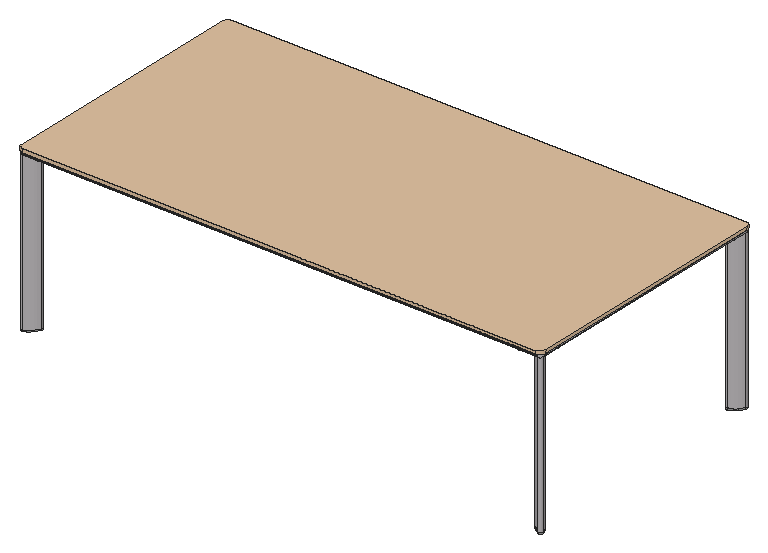
Revit family "FU_Table_Sandler_Laminar 1224", category Furniture, Revit 2020
Family settings
  OmniClass Number = 23.40.20.00
  OmniClass Title = General Furniture and Specialties
  Work Plane-Based = No
  Always vertical = Yes
  Cut with Voids When Loaded = No
  Shared = No
  Room Calculation Point = No
Parameters (values of type "Laminar 1224 (Dining Height)")
  Width = 2400 mm
  URL = "https://www.sandlerseating.com/product/laminar-1224/"
  Top [instance] = Wood - Oak - Natural - V
  Model = "Laminar 1224"
  Manufacturer = "Sandler"
  Height = 750 mm
  Frame [instance] = Epoxy - M2_G42
  Description = "240cm x 120cm / 95″ x 48″ table on epoxy painted frame."
  Depth = 1200 mm
  Default Elevation = 0 mm
Types (4, lengths in mm): name | Top | Height | Frame
  (no name) | Wood - Oak - Natural - V | 750 | Epoxy - M2_G42
  Laminar 1224 (Dining Height) | Wood - Oak - Natural - V | 750 | Epoxy - M2_G42
  Laminar 1224 (Counter Height) | Wood - Oak - Walnut | 900 | Epoxy - M2_V16
  Laminar 1224 (Bar Height) | HPL - Solid - White | 1050 | Epoxy - M1_B00 - Black
Reference planes
  plane 1 "Center (Front/Back)": y = 0
  plane 2: z = 0
  plane 3 "Center (Left/Right)": x = 0
  plane 4 "Right": x = -1200
  plane 5 "Left": x = 1200
  plane 6 "Back": y = 600
  plane 7 "Front": y = -600
  plane 8 "Height": z = 750
  plane 9 "Top Frame Base": z = 737
  plane 10 "Frame Edge Right TOP": x = -1105
  plane 11 "Frame Edge Left TOP": x = 1105
  plane 12 "Frame Edge Front TOP": y = -505
  plane 13 "Frame Edge Back TOP": y = 505
  plane 14 "Right Leg C TOP": x = -1162.984
  plane 15 "Back Leg C TOP": y = 562.984
  plane 16 "Front Leg C TOP": y = -562.984
  plane 17 "Left C TOP": x = 1162.984
  plane 18 "Glide Height": z = 6
  plane 19 "Frame Base FRONT": z = 696.108
Forms (mm)
  Extrusion 1, solid, material "Wood - Oak - Natural - V" <- "Top"
    sketch origin (0, 0, 750) x (-1, 0, 0) y (0, -1, 0)
      loop
        arc (1175, -600) -> (1192.678, -592.678) -> (1200, -575) r 25
        line (1200, -575) -> (1200, 575)
        arc (1200, 575) -> (1192.678, 592.678) -> (1175, 600) r 25
        line (1175, 600) -> (-1175, 600)
        arc (-1175, 600) -> (-1192.678, 592.678) -> (-1200, 575) r 25
        line (-1200, 575) -> (-1200, -575)
        arc (-1200, -575) -> (-1192.678, -592.678) -> (-1175, -600) r 25
        line (-1175, -600) -> (1175, -600)
    from 0 to -13
  Sweep 2, solid, material "Epoxy - M2_G42" <- "Frame"
    path origin (0, 0, 737) x (-1, 0, 0) y (0, -1, 0)
      loop
        line (-1105, 600) -> (1105, 600)
    profile "Pro_Laminar_Frame : Pro_Laminar_Frame" origin (0, -600, 737) x (0, -1, 0) y (0, 0, 1)
      loop
        arc (-78.25, 0) -> (-78.959, -0.294) -> (-79.252, -1.003) r 1.003
        line (-79.252, -1.003) -> (-79.252, -40.038)
        arc (-79.252, -40.038) -> (-78.971, -40.718) -> (-78.29, -41) r 0.962
        line (-78.29, -41) -> (-56.47, -41)
        arc (-56.47, -41) -> (-49.536, -40.019) -> (-43.146, -37.154) r 25
        line (-43.146, -37.154) -> (-3.835, -12.393)
        arc (-3.835, -12.393) -> (-2.123, -10.579) -> (-1.5, -8.162) r 5
        line (-1.5, -8.162) -> (-1.5, -0.534)
        arc (-1.5, -0.534) -> (-1.656, -0.156) -> (-2.034, 0) r 0.534
        line (-2.034, 0) -> (-78.25, 0)
  Sweep 3, solid, material "Epoxy - M2_G42" <- "Frame"
    path origin (0, 0, 737) x (-1, 0, 0) y (0, -1, 0)
      loop
        line (1200, 505) -> (1200, -505)
    profile "Pro_Laminar_Frame : Pro_Laminar_Frame" origin (-1200, 0, 737) x (-1, 0, 0) y (0, 0, 1)
      loop
        arc (-78.25, 0) -> (-78.959, -0.294) -> (-79.252, -1.003) r 1.003
        line (-79.252, -1.003) -> (-79.252, -40.038)
        arc (-79.252, -40.038) -> (-78.971, -40.718) -> (-78.29, -41) r 0.962
        line (-78.29, -41) -> (-56.47, -41)
        arc (-56.47, -41) -> (-49.536, -40.019) -> (-43.146, -37.154) r 25
        line (-43.146, -37.154) -> (-3.835, -12.393)
        arc (-3.835, -12.393) -> (-2.123, -10.579) -> (-1.5, -8.162) r 5
        line (-1.5, -8.162) -> (-1.5, -0.534)
        arc (-1.5, -0.534) -> (-1.656, -0.156) -> (-2.034, 0) r 0.534
        line (-2.034, 0) -> (-78.25, 0)
  Sweep 4, solid, material "Epoxy - M2_G42" <- "Frame"
    path origin (0, 0, 737) x (-1, 0, 0) y (0, -1, 0)
      loop
        line (1105, -600) -> (-1105, -600)
    profile "Pro_Laminar_Frame : Pro_Laminar_Frame" origin (0, 600, 737) x (0, 1, 0) y (0, 0, 1)
      loop
        arc (-78.25, 0) -> (-78.959, -0.294) -> (-79.252, -1.003) r 1.003
        line (-79.252, -1.003) -> (-79.252, -40.038)
        arc (-79.252, -40.038) -> (-78.971, -40.718) -> (-78.29, -41) r 0.962
        line (-78.29, -41) -> (-56.47, -41)
        arc (-56.47, -41) -> (-49.536, -40.019) -> (-43.146, -37.154) r 25
        line (-43.146, -37.154) -> (-3.835, -12.393)
        arc (-3.835, -12.393) -> (-2.123, -10.579) -> (-1.5, -8.162) r 5
        line (-1.5, -8.162) -> (-1.5, -0.534)
        arc (-1.5, -0.534) -> (-1.656, -0.156) -> (-2.034, 0) r 0.534
        line (-2.034, 0) -> (-78.25, 0)
  Sweep 5, solid, material "Epoxy - M2_G42" <- "Frame"
    path origin (0, 0, 737) x (-1, 0, 0) y (0, -1, 0)
      loop
        line (-1200, 505) -> (-1200, -505)
    profile "Pro_Laminar_Frame : Pro_Laminar_Frame" origin (1200, 0, 737) x (-1, 0, 0) y (0, 0, 1)
      loop
        line (78.25, 0) -> (2.034, 0)
        arc (2.034, 0) -> (1.656, -0.156) -> (1.5, -0.534) r 0.534
        line (1.5, -0.534) -> (1.5, -8.162)
        arc (1.5, -8.162) -> (2.123, -10.579) -> (3.835, -12.393) r 5
        line (3.835, -12.393) -> (43.146, -37.154)
        arc (43.146, -37.154) -> (49.536, -40.019) -> (56.47, -41) r 25
        line (56.47, -41) -> (78.29, -41)
        arc (78.29, -41) -> (78.971, -40.718) -> (79.252, -40.038) r 0.962
        line (79.252, -40.038) -> (79.252, -1.003)
        arc (79.252, -1.003) -> (78.959, -0.294) -> (78.25, 0) r 1.003
  Sweep 6, solid, material "Epoxy - M2_G42" <- "Frame"
    path origin (0, 562.984, 0) x (1, 0, 0) y (0, 0, 1)
      loop
        line (-1162.984, 6) -> (-1162.984, 737)
    profile "Pro_Laminar_Leg : Pro_Laminar_Leg" origin (-1162.984, 562.984, 371.5) x (-1, 0, 0) y (0, -1, 0)
      loop
        arc (-16.792, 30.86) -> (-28.302, 28.302) -> (-30.86, 16.792) r 10.982
        arc (-30.86, 16.792) -> (-12.33, -12.33) -> (16.792, -30.86) r 79.547
        arc (16.792, -30.86) -> (28.302, -28.302) -> (30.86, -16.792) r 10.982
        arc (30.86, -16.792) -> (12.33, 12.33) -> (-16.792, 30.86) r 79.547
  Sweep 7, solid, material "Epoxy - M2_G42" <- "Frame"
    path origin (0, -562.984, 0) x (1, 0, 0) y (0, 0, 1)
      loop
        line (-1162.984, 6) -> (-1162.984, 737)
    profile "Pro_Laminar_Leg : Pro_Laminar_Leg" origin (-1162.984, -562.984, 371.5) x (-1, 0, 0) y (0, -1, 0)
      loop
        arc (-30.86, -16.792) -> (-28.302, -28.302) -> (-16.792, -30.86) r 10.982
        arc (-16.792, -30.86) -> (12.33, -12.33) -> (30.86, 16.792) r 79.547
        arc (30.86, 16.792) -> (28.302, 28.302) -> (16.792, 30.86) r 10.982
        arc (16.792, 30.86) -> (-12.33, 12.33) -> (-30.86, -16.792) r 79.547
  Sweep 8, solid, material "Epoxy - M2_G42" <- "Frame"
    path origin (0, -562.984, 0) x (1, 0, 0) y (0, 0, 1)
      loop
        line (1162.984, 6) -> (1162.984, 737)
    profile "Pro_Laminar_Leg : Pro_Laminar_Leg" origin (1162.984, -562.984, 371.5) x (-1, 0, 0) y (0, -1, 0)
      loop
        arc (-16.792, 30.86) -> (-28.302, 28.302) -> (-30.86, 16.792) r 10.982
        arc (-30.86, 16.792) -> (-12.33, -12.33) -> (16.792, -30.86) r 79.547
        arc (16.792, -30.86) -> (28.302, -28.302) -> (30.86, -16.792) r 10.982
        arc (30.86, -16.792) -> (12.33, 12.33) -> (-16.792, 30.86) r 79.547
  Sweep 9, solid, material "Epoxy - M2_G42" <- "Frame"
    path origin (0, 562.984, 0) x (1, 0, 0) y (0, 0, 1)
      loop
        line (1162.984, 6) -> (1162.984, 737)
    profile "Pro_Laminar_Leg : Pro_Laminar_Leg" origin (1162.984, 562.984, 371.5) x (-1, 0, 0) y (0, -1, 0)
      loop
        arc (-30.86, -16.792) -> (-28.302, -28.302) -> (-16.792, -30.86) r 10.982
        arc (-16.792, -30.86) -> (12.33, -12.33) -> (30.86, 16.792) r 79.547
        arc (30.86, 16.792) -> (28.302, 28.302) -> (16.792, 30.86) r 10.982
        arc (16.792, 30.86) -> (-12.33, 12.33) -> (-30.86, -16.792) r 79.547
  Sweep 10, solid, material "Rubber, Black"
    path origin (0, 562.984, 0) x (1, 0, 0) y (0, 0, 1)
      loop
        line (1162.984, 0) -> (1162.984, 6)
    profile "Pro_Laminar_Leg : Pro_Laminar_Leg" origin (1162.984, 562.984, 3) x (-1, 0, 0) y (0, -1, 0)
      loop
        arc (-30.86, -16.792) -> (-28.302, -28.302) -> (-16.792, -30.86) r 10.982
        arc (-16.792, -30.86) -> (12.33, -12.33) -> (30.86, 16.792) r 79.547
        arc (30.86, 16.792) -> (28.302, 28.302) -> (16.792, 30.86) r 10.982
        arc (16.792, 30.86) -> (-12.33, 12.33) -> (-30.86, -16.792) r 79.547
  Sweep 11, solid, material "Rubber, Black"
    path origin (0, 562.984, 0) x (1, 0, 0) y (0, 0, 1)
      loop
        line (-1162.984, 0) -> (-1162.984, 6)
    profile "Pro_Laminar_Leg : Pro_Laminar_Leg" origin (-1162.984, 562.984, 3) x (-1, 0, 0) y (0, -1, 0)
      loop
        arc (-16.792, 30.86) -> (-28.302, 28.302) -> (-30.86, 16.792) r 10.982
        arc (-30.86, 16.792) -> (-12.33, -12.33) -> (16.792, -30.86) r 79.547
        arc (16.792, -30.86) -> (28.302, -28.302) -> (30.86, -16.792) r 10.982
        arc (30.86, -16.792) -> (12.33, 12.33) -> (-16.792, 30.86) r 79.547
  Sweep 12, solid, material "Rubber, Black"
    path origin (0, -562.984, 0) x (1, 0, 0) y (0, 0, 1)
      loop
        line (-1162.984, 0) -> (-1162.984, 6)
    profile "Pro_Laminar_Leg : Pro_Laminar_Leg" origin (-1162.984, -562.984, 3) x (-1, 0, 0) y (0, -1, 0)
      loop
        arc (-30.86, -16.792) -> (-28.302, -28.302) -> (-16.792, -30.86) r 10.982
        arc (-16.792, -30.86) -> (12.33, -12.33) -> (30.86, 16.792) r 79.547
        arc (30.86, 16.792) -> (28.302, 28.302) -> (16.792, 30.86) r 10.982
        arc (16.792, 30.86) -> (-12.33, 12.33) -> (-30.86, -16.792) r 79.547
  Sweep 13, solid, material "Rubber, Black"
    path origin (0, -562.984, 0) x (1, 0, 0) y (0, 0, 1)
      loop
        line (1162.984, 0) -> (1162.984, 6)
    profile "Pro_Laminar_Leg : Pro_Laminar_Leg" origin (1162.984, -562.984, 3) x (-1, 0, 0) y (0, -1, 0)
      loop
        arc (-16.792, 30.86) -> (-28.302, 28.302) -> (-30.86, 16.792) r 10.982
        arc (-30.86, 16.792) -> (-12.33, -12.33) -> (16.792, -30.86) r 79.547
        arc (16.792, -30.86) -> (28.302, -28.302) -> (30.86, -16.792) r 10.982
        arc (30.86, -16.792) -> (12.33, 12.33) -> (-16.792, 30.86) r 79.547
  Sweep 14, solid, material "Epoxy - M2_G42" <- "Frame"
    path origin (0, 0, 737) x (-1, 0, 0) y (0, -1, 0)
      loop
        line (-1105, 598.5) -> (-1198.5, 598.5) -> (-1198.5, 505)
    profile "Pro_Laminar_Frame : Pro_Laminar_Frame" origin (1151.75, -598.5, 737) x (0, 1, 0) y (0, 0, 1)
      loop
        line (76.75, 0) -> (0.534, 0)
        arc (0.534, 0) -> (0.156, -0.156) -> (0, -0.534) r 0.534
        line (0, -0.534) -> (0, -8.162)
        arc (0, -8.162) -> (0.623, -10.579) -> (2.335, -12.393) r 5
        line (2.335, -12.393) -> (41.646, -37.154)
        arc (41.646, -37.154) -> (48.036, -40.019) -> (54.97, -41) r 25
        line (54.97, -41) -> (76.79, -41)
        arc (76.79, -41) -> (77.471, -40.718) -> (77.752, -40.038) r 0.962
        line (77.752, -40.038) -> (77.752, -1.003)
        arc (77.752, -1.003) -> (77.459, -0.294) -> (76.75, 0) r 1.003
  Extrusion 15, void
    sketch origin (0, 0, 737) x (-1, 0, 0) y (0, -1, 0)
      loop
        line (-1174.12, 599.12) -> (-1174.12, 614.12) -> (-1214.12, 614.12) -> (-1214.12, 574.12) -> (-1199.12, 574.12)
        arc (-1199.12, 574.12) -> (-1191.798, 591.798) -> (-1174.12, 599.12) r 25
    from -40.892 to 13
  Sweep 16, solid, material "Epoxy - M2_G42" <- "Frame"
    path origin (0, 0, 737) x (1, 0, 0) y (0, -1, 0)
      loop
        line (-1105, 598.5) -> (-1198.5, 598.5) -> (-1198.5, 505)
    profile "Pro_Laminar_Frame : Pro_Laminar_Frame" origin (-1151.75, -598.5, 737) x (0, -1, 0) y (0, 0, 1)
      loop
        arc (-76.75, 0) -> (-77.459, -0.294) -> (-77.752, -1.003) r 1.003
        line (-77.752, -1.003) -> (-77.752, -40.038)
        arc (-77.752, -40.038) -> (-77.471, -40.718) -> (-76.79, -41) r 0.962
        line (-76.79, -41) -> (-54.97, -41)
        arc (-54.97, -41) -> (-48.036, -40.019) -> (-41.646, -37.154) r 25
        line (-41.646, -37.154) -> (-2.335, -12.393)
        arc (-2.335, -12.393) -> (-0.623, -10.579) -> (0, -8.162) r 5
        line (0, -8.162) -> (0, -0.534)
        arc (0, -0.534) -> (-0.156, -0.156) -> (-0.534, 0) r 0.534
        line (-0.534, 0) -> (-76.75, 0)
  Sweep 17, solid, material "Epoxy - M2_G42" <- "Frame"
    path origin (0, 0, 737) x (1, 0, 0) y (0, 1, 0)
      loop
        line (-1105, 598.5) -> (-1198.5, 598.5) -> (-1198.5, 505)
    profile "Pro_Laminar_Frame : Pro_Laminar_Frame" origin (-1151.75, 598.5, 737) x (0, -1, 0) y (0, 0, 1)
      loop
        line (76.75, 0) -> (0.534, 0)
        arc (0.534, 0) -> (0.156, -0.156) -> (0, -0.534) r 0.534
        line (0, -0.534) -> (0, -8.162)
        arc (0, -8.162) -> (0.623, -10.579) -> (2.335, -12.393) r 5
        line (2.335, -12.393) -> (41.646, -37.154)
        arc (41.646, -37.154) -> (48.036, -40.019) -> (54.97, -41) r 25
        line (54.97, -41) -> (76.79, -41)
        arc (76.79, -41) -> (77.471, -40.718) -> (77.752, -40.038) r 0.962
        line (77.752, -40.038) -> (77.752, -1.003)
        arc (77.752, -1.003) -> (77.459, -0.294) -> (76.75, 0) r 1.003
  Sweep 18, solid, material "Epoxy - M2_G42" <- "Frame"
    path origin (0, 0, 737) x (-1, 0, 0) y (0, 1, 0)
      loop
        line (-1105, 598.5) -> (-1198.5, 598.5) -> (-1198.5, 505)
    profile "Pro_Laminar_Frame : Pro_Laminar_Frame" origin (1151.75, 598.5, 737) x (0, 1, 0) y (0, 0, 1)
      loop
        arc (-76.75, 0) -> (-77.459, -0.294) -> (-77.752, -1.003) r 1.003
        line (-77.752, -1.003) -> (-77.752, -40.038)
        arc (-77.752, -40.038) -> (-77.471, -40.718) -> (-76.79, -41) r 0.962
        line (-76.79, -41) -> (-54.97, -41)
        arc (-54.97, -41) -> (-48.036, -40.019) -> (-41.646, -37.154) r 25
        line (-41.646, -37.154) -> (-2.335, -12.393)
        arc (-2.335, -12.393) -> (-0.623, -10.579) -> (0, -8.162) r 5
        line (0, -8.162) -> (0, -0.534)
        arc (0, -0.534) -> (-0.156, -0.156) -> (-0.534, 0) r 0.534
        line (-0.534, 0) -> (-76.75, 0)
  Extrusion 19, void
    sketch origin (0, 0, 737) x (1, 0, 0) y (0, 1, 0)
      loop
        arc (-1174.12, -599.12) -> (-1191.798, -591.798) -> (-1199.12, -574.12) r 25
        line (-1199.12, -574.12) -> (-1214.12, -574.12) -> (-1214.12, -614.12) -> (-1174.12, -614.12) -> (-1174.12, -599.12)
    from -40.892 to 13
  Extrusion 20, void
    sketch origin (0, 0, 737) x (1, 0, 0) y (0, 1, 0)
      loop
        line (-1174.12, 599.12) -> (-1174.12, 614.12) -> (-1214.12, 614.12) -> (-1214.12, 574.12) -> (-1199.12, 574.12)
        arc (-1199.12, 574.12) -> (-1191.798, 591.798) -> (-1174.12, 599.12) r 25
    from -40.892 to 13
  Extrusion 21, void
    sketch origin (0, 0, 737) x (-1, 0, 0) y (0, -1, 0)
      loop
        arc (-1174.12, -599.12) -> (-1191.798, -591.798) -> (-1199.12, -574.12) r 25
        line (-1199.12, -574.12) -> (-1214.12, -574.12) -> (-1214.12, -614.12) -> (-1174.12, -614.12) -> (-1174.12, -599.12)
    from -40.892 to 13
Cuts and joins
  Extrusion 20 cuts Sweep 17
  Extrusion 21 cuts Sweep 18
  Extrusion 15 cuts Sweep 14
  Extrusion 19 cuts Sweep 16
Dimensions and locks
  equal spacing: plane 4 "Right", plane 3 "Center (Left/Right)", plane 5 "Left"
  "Width": plane 4 "Right" to plane 5 "Left"
  equal spacing: plane 6 "Back", plane 1 "Center (Front/Back)", plane 7 "Front"
  "Depth": plane 6 "Back" to plane 7 "Front"
  "Height": plane 8 "Height" to level
  locked: plane 8 "Height" to plane 9 "Top Frame Base" at 13
  plane 4 "Right" to plane 14 "Right Leg C TOP" to plane 10 "Frame Edge Right TOP" = 37.016 mm locked, 57.984 mm locked
  plane 12 "Frame Edge Front TOP" to plane 16 "Front Leg C TOP" to plane 7 "Front" = 57.984 mm locked, 37.016 mm locked
  plane 6 "Back" to plane 15 "Back Leg C TOP" to plane 13 "Frame Edge Back TOP" = 37.016 mm locked, 57.984 mm locked
  plane 11 "Frame Edge Left TOP" to plane 17 "Left C TOP" to plane 5 "Left" = 57.984 mm locked, 37.016 mm locked
  locked: plane 18 "Glide Height" to plane 2 at 6
  aligned and locked: level to plane 2
  aligned and locked: plane 10 "Frame Edge Right TOP" to Sweep 2 sketch curve
  aligned and locked: plane 11 "Frame Edge Left TOP" to Sweep 2 sketch curve
  aligned and locked: plane 13 "Frame Edge Back TOP" to Sweep 3 sketch curve
  aligned and locked: plane 4 "Right" to Sweep 3 sketch curve
  aligned and locked: plane 10 "Frame Edge Right TOP" to Sweep 4 sketch curve
  aligned and locked: plane 11 "Frame Edge Left TOP" to Sweep 4 sketch curve
  aligned and locked: Sweep 5 sketch curve to plane 13 "Frame Edge Back TOP"
  aligned and locked: plane 12 "Frame Edge Front TOP" to Sweep 5 sketch curve
  aligned and locked: Extrusion 1 sketch curve to plane 4 "Right"
  aligned and locked: Extrusion 1 sketch curve to plane 6 "Back"
  aligned and locked: Extrusion 1 sketch curve to plane 7 "Front"
  aligned and locked: plane 5 "Left" to Extrusion 1 sketch curve
  aligned and locked: plane 9 "Top Frame Base" to Sweep 6 sketch curve
  aligned and locked: plane 18 "Glide Height" to Sweep 6 sketch curve
  aligned and locked: plane 9 "Top Frame Base" to Sweep 7 sketch curve
  aligned and locked: plane 18 "Glide Height" to Sweep 7 sketch curve
  aligned and locked: plane 9 "Top Frame Base" to Sweep 8 sketch curve
  aligned and locked: plane 18 "Glide Height" to Sweep 8 sketch curve
  aligned and locked: plane 9 "Top Frame Base" to Sweep 9 sketch curve
  aligned and locked: plane 18 "Glide Height" to Sweep 9 sketch curve
  aligned and locked: plane 18 "Glide Height" to Sweep 10 sketch curve
  aligned and locked: Sweep 10 sketch curve to plane 2
  aligned and locked: plane 18 "Glide Height" to Sweep 11 sketch curve
  aligned and locked: plane 2 to Sweep 11 sketch curve
  aligned and locked: plane 2 to Sweep 12 sketch curve
  aligned and locked: plane 18 "Glide Height" to Sweep 12 sketch curve
  aligned and locked: Sweep 13 sketch curve to plane 2
  aligned and locked: plane 18 "Glide Height" to Sweep 13 sketch curve
  aligned and locked: Extrusion 15 to plane 19 "Frame Base FRONT"
  aligned and locked: plane 8 "Height" to Extrusion 15
  aligned and locked: Sweep 18 to plane 11 "Frame Edge Left TOP"
  aligned and locked: Sweep 18 to plane 13 "Frame Edge Back TOP"
  aligned and locked: Sweep 14 to plane 12 "Frame Edge Front TOP"
  aligned and locked: Sweep 14 to plane 11 "Frame Edge Left TOP"
  aligned and locked: Sweep 16 to plane 10 "Frame Edge Right TOP"
  aligned and locked: plane 12 "Frame Edge Front TOP" to Sweep 16
  aligned and locked: Sweep 17 to plane 13 "Frame Edge Back TOP"
  aligned and locked: Sweep 17 to plane 10 "Frame Edge Right TOP"
Automatic sketch dimensions
  Extrusion 1 sketch curve to plane 15 "Back Leg C TOP" = 12.016 mm
  Extrusion 1 sketch curve to plane 17 "Left C TOP" = 12.016 mm
  plane 14 "Right Leg C TOP" to Extrusion 1 sketch curve = 12.016 mm  (x2)
  Sweep 2 sketch curve to plane 7 "Front" = 0 mm
  plane 12 "Frame Edge Front TOP" to Sweep 3 sketch curve = 0 mm
  Sweep 4 sketch curve to plane 6 "Back" = 0 mm
  Sweep 5 sketch curve to plane 5 "Left" = 0 mm
  plane 14 "Right Leg C TOP" to Sweep 6 sketch curve = 0 mm
  plane 14 "Right Leg C TOP" to Sweep 7 sketch curve = 0 mm
  plane 17 "Left C TOP" to Sweep 8 sketch curve = 0 mm
  plane 17 "Left C TOP" to Sweep 9 sketch curve = 0 mm
  plane 17 "Left C TOP" to Sweep 10 sketch curve = 0 mm
  plane 14 "Right Leg C TOP" to Sweep 11 sketch curve = 0 mm
  plane 14 "Right Leg C TOP" to Sweep 12 sketch curve = 0 mm
  plane 17 "Left C TOP" to Sweep 13 sketch curve = 0 mm
  plane 12 "Frame Edge Front TOP" to Sweep 14 sketch curve = 0 mm
  Sweep 14 sketch curve to plane 11 "Frame Edge Left TOP" = 0 mm
  plane 5 "Left" to Sweep 14 sketch curve = 1.5 mm
  plane 7 "Front" to Sweep 14 sketch curve = 1.5 mm
  Extrusion 15 sketch curve to plane 5 "Left" = 14.12 mm
  plane 5 "Left" to Extrusion 15 sketch curve = 0.88 mm
  plane 7 "Front" to Extrusion 15 sketch curve = 0.88 mm
  Extrusion 15 sketch curve to plane 17 "Left C TOP" = 11.136 mm
  Extrusion 15 sketch curve to plane 7 "Front" = 14.12 mm
  plane 12 "Frame Edge Front TOP" to Sweep 16 sketch curve = 0 mm
  Sweep 16 sketch curve to plane 10 "Frame Edge Right TOP" = 0 mm
  plane 4 "Right" to Sweep 16 sketch curve = 1.5 mm
  Sweep 16 sketch curve to plane 7 "Front" = 1.5 mm
  Sweep 17 sketch curve to plane 13 "Frame Edge Back TOP" = 0 mm
  Sweep 17 sketch curve to plane 10 "Frame Edge Right TOP" = 0 mm
  Sweep 17 sketch curve to plane 4 "Right" = 1.5 mm
  Sweep 17 sketch curve to plane 6 "Back" = 1.5 mm
  Sweep 18 sketch curve to plane 13 "Frame Edge Back TOP" = 0 mm
  Sweep 18 sketch curve to plane 11 "Frame Edge Left TOP" = 0 mm
  Sweep 18 sketch curve to plane 5 "Left" = 1.5 mm
  plane 6 "Back" to Sweep 18 sketch curve = 1.5 mm
  Extrusion 19 sketch curve to plane 4 "Right" = 14.12 mm
  plane 4 "Right" to Extrusion 19 sketch curve = 0.88 mm
  Extrusion 19 sketch curve to plane 7 "Front" = 0.88 mm
  Extrusion 19 sketch curve to plane 14 "Right Leg C TOP" = 11.136 mm
  plane 7 "Front" to Extrusion 19 sketch curve = 14.12 mm
  plane 4 "Right" to Extrusion 20 sketch curve = 14.12 mm
  Extrusion 20 sketch curve to plane 4 "Right" = 0.88 mm
  Extrusion 20 sketch curve to plane 6 "Back" = 0.88 mm
  plane 14 "Right Leg C TOP" to Extrusion 20 sketch curve = 11.136 mm
  plane 6 "Back" to Extrusion 20 sketch curve = 14.12 mm
  plane 5 "Left" to Extrusion 21 sketch curve = 14.12 mm
  Extrusion 21 sketch curve to plane 5 "Left" = 0.88 mm
  plane 6 "Back" to Extrusion 21 sketch curve = 0.88 mm
  plane 17 "Left C TOP" to Extrusion 21 sketch curve = 11.136 mm
  Extrusion 21 sketch curve to plane 6 "Back" = 14.12 mm
